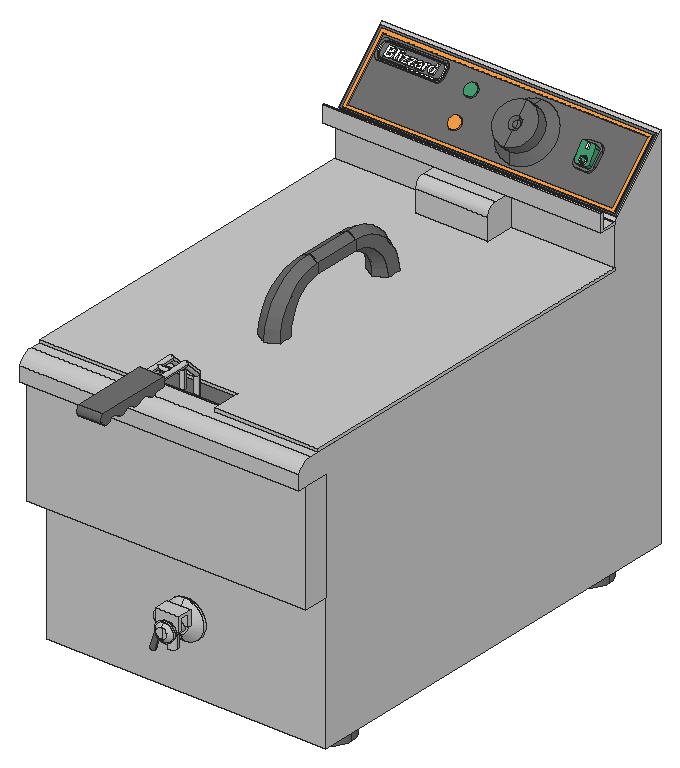
Revit family "QF_BLIZZARD_BF8", category Specialty Equipment, Revit 2016
Family settings
  Part Type = Normal
  Round Connector Dimension = Use Diameter
  OmniClass Number = 23.40.40.14
  OmniClass Title = Food Service Equipment
  Work Plane-Based = No
  Always vertical = Yes
  Cut with Voids When Loaded = No
  Shared = No
  Room Calculation Point = No
Parameters (values of type "BF8")
  URL = "www.blizzardequipment.com"
  Show Logo [instance] = yes
  Show Clearance [instance] = yes
  Model = "BF8"
  Manufacturer = "BLIZZARD"
  Description = "3000W SINGLE TANK ELECTRIC FRYER WITH TAP 8L"
  Assembly Code = "E1090320"
Reference planes
  plane 1 "Back": y = 0
  plane 2: z = 0
  plane 3 "Left": x = 0
  plane 4 "Right": x = 290
  plane 5 "Front": y = -470
  plane 6 "Top": z = 405
Forms (mm)
  Extrusion 1, solid
    sketch origin (0, 0, 0) x (0, 1, 0) y (0, 0, 1)
      loop
        line (0, 345) -> (-60, 345) -> (-60, 300.012) -> (0, 300.012) -> (0, 345)
    from 0 to 290
  Extrusion 2, solid
    sketch origin (0, 0, 74.988) x (0, 1, 0) y (0, 0, 1)
      loop
        line (0, 270.012) -> (0, 330.012) -> (-60, 270.012) -> (0, 270.012)
    from 0 to 290
  Extrusion 3, solid
    sketch origin (0, 0, 65) x (0, 1, 0) y (0, 0, 1)
      loop
        line (0, 235.012) -> (-455, 235.012)
        arc (-455, 235.012) -> (-464.156, 232.126) -> (-470, 224.509) r 15.963
        line (-470, 224.509) -> (-470, 209.509) -> (0, 209.509) -> (0, 235.012)
    from 0 to 290
  Extrusion 4, solid
    sketch origin (0, 0, 0) x (0, 1, 0) y (0, 0, 1)
      loop
        line (0, 300.012) -> (-435, 300.012) -> (-435, 19.509) -> (0, 19.509) -> (0, 300.012)
    from 0 to 290
  Extrusion 5, solid
    sketch origin (0, 0, 65) x (0, 1, 0) y (0, 0, 1)
      loop
        line (-435, 209.509) -> (-461.464, 209.509) -> (-461.464, 94.761) -> (-435, 94.761) -> (-435, 209.509)
    from 0 to 290
  Extrusion 6, solid
    sketch origin (0, 0, 65) x (1, 0, 0) y (0, 1, 0)
      loop
        line (0, -60) -> (0, -445) -> (107.5, -445) -> (107.5, -415) -> (182.5, -415) -> (182.5, -445) -> (290, -445) -> (290, -60) -> (182.5, -60) -> (182.5, -90) -> (107.5, -90) -> (107.5, -60) -> (0, -60)
    from 235.012 to 238.012
  Extrusion 7, solid
    sketch origin (0, 0, 55) x (0, 1, 0) y (0, 0, 1)
      loop
        line (-90, 270.012) -> (-90, 245.012) -> (-60, 245.012) -> (-60, 280.012) -> (-80, 280.012)
        arc (-80, 280.012) -> (-87.071, 277.084) -> (-90, 270.012) r 10
    from 107.5 to 182.5
  Extrusion 8, solid
    sketch origin (0, 44.77, 0) x (1, 0, 0) y (0, 1, 0)
      loop
        circle (32.179, -94.77) r 20
    from 0 to 19.509
  Extrusion 9, solid
    sketch origin (225, 44.77, 0) x (1, 0, 0) y (0, 1, 0)
      loop
        circle (32.179, -94.77) r 20
    from 0 to 19.509
  Extrusion 10, solid
    sketch origin (0, -290.23, 0) x (1, 0, 0) y (0, 1, 0)
      loop
        circle (32.179, -94.77) r 20
    from 0 to 19.509
  Extrusion 11, solid
    sketch origin (225, -290.23, 0) x (1, 0, 0) y (0, 1, 0)
      loop
        circle (32.179, -94.77) r 20
    from 0 to 19.509
  SweptBlend 12, solid
    path origin (145, -40, 58.013) x (0, 1, 0) y (0, 0, 1)
      loop
        arc (-140, 245) -> (-153.394, 277.336) -> (-185.73, 290.73) r 45.73
    profile origin (145, -180, 303.013) x (0, -1, 0) y (1, 0, 0)
      loop
        line (-13.826, 0) -> (-6.913, -11.974) -> (6.913, -11.974) -> (13.826, 0) -> (6.913, 11.974) -> (-6.913, 11.974) -> (-13.826, 0)
    end profile origin (145, -225.73, 348.743) x (0, 0, -1) y (1, 0, 0)
      loop
        line (-5.187, 8.984) -> (-10.373, 0) -> (-5.187, -8.984) -> (5.187, -8.984) -> (10.373, 0) -> (5.187, 8.984) -> (-5.187, 8.984)
  Extrusion 13, solid
    sketch origin (0, -10, 58.013) x (1, 0, 0) y (0, 0, 1)
      loop
        line (153.984, 285.543) -> (153.984, 295.917) -> (145, 301.103) -> (136.016, 295.917) -> (136.016, 285.543) -> (145, 280.357) -> (153.984, 285.543)
    from 215.73 to 265
  SweptBlend 14, solid
    path origin (145, -460.73, 58.013) x (0, -1, 0) y (0, 0, -1)
      loop
        arc (-140, -245) -> (-153.394, -277.336) -> (-185.73, -290.73) r 45.73
    profile origin (145, -320.73, 303.013) x (0, -1, 0) y (1, 0, 0)
      loop
        line (13.826, 0) -> (6.913, 11.974) -> (-6.913, 11.974) -> (-13.826, 0) -> (-6.913, -11.974) -> (6.913, -11.974) -> (13.826, 0)
    end profile origin (145, -275, 348.743) x (0, 0, 1) y (1, 0, 0)
      loop
        line (5.187, 8.984) -> (-5.187, 8.984) -> (-10.373, 0) -> (-5.187, -8.984) -> (5.187, -8.984) -> (10.373, 0) -> (5.187, 8.984)
  Extrusion 15, solid
    sketch origin (0, 0, 0) x (0, 1, 0) y (0, 0, 1)
      loop
        line (-60, 345) -> (-75, 345) -> (-75, 360) -> (-77, 360) -> (-77, 343) -> (-60, 343) -> (-60, 345)
    from 0 to 290
  Extrusion 16, solid
    sketch origin (132.5, 0, 50) x (0, 1, 0) y (0, 0, 1)
      loop
        line (-479.826, 289.253) -> (-559.619, 289.253)
        arc (-559.619, 289.253) -> (-561.702, 284.152) -> (-559.619, 279.051) r 7.289
        arc (-559.619, 279.051) -> (-554.681, 277.153) -> (-549.826, 279.253) r 7
        arc (-549.826, 279.253) -> (-544.826, 281.354) -> (-539.826, 279.253) r 7
        arc (-539.826, 279.253) -> (-534.826, 277.152) -> (-529.826, 279.253) r 7
        arc (-529.826, 279.253) -> (-524.826, 281.354) -> (-519.826, 279.253) r 7
        arc (-519.826, 279.253) -> (-514.826, 277.152) -> (-509.826, 279.253) r 7
        arc (-509.826, 279.253) -> (-504.826, 281.354) -> (-499.826, 279.253) r 7
        arc (-499.826, 279.253) -> (-494.826, 277.152) -> (-489.826, 279.253) r 7
        line (-489.826, 279.253) -> (-479.826, 279.253) -> (-479.826, 289.253)
    from 0 to 25
  Sweep 17, solid
    path origin (137.5, 0, 50) x (0, 1, 0) y (0, 0, 1)
      loop
        line (-479.826, 284.253) -> (-446.21, 284.253) -> (-430.604, 268.646) -> (-430.604, 246.244)
    profile origin (137.5, -463.018, 334.253) x (0, 0, 1) y (1, 0, 0)
      loop
        circle (0, 0) r 2.5
  Sweep 18, solid
    path origin (152.5, 0, 50) x (0, 1, 0) y (0, 0, -1)
      loop
        line (-479.826, -284.253) -> (-446.21, -284.253) -> (-430.604, -268.646) -> (-430.604, -246.244)
    profile origin (152.5, -463.018, 334.253) x (0, 0, -1) y (-1, 0, 0)
      loop
        circle (0, 0) r 2.5
  Extrusion 19, solid
    sketch origin (0, 0, 65) x (0, 1, 0) y (0, 0, 1)
      loop
        circle (-464.018, 269.245) r 2.153
    from 139.06 to 150.884
  Extrusion 20, solid
    sketch origin (363.088, -120.562, 282.317) x (1, 0, 0) y (0, 0.707107, 0.707107)
      loop
        line (-361.088, 168) -> (-361.088, 92) -> (-75.088, 92) -> (-75.088, 168) -> (-361.088, 168)
    from 0 to 2
  Extrusion 21, solid
    sketch origin (363.088, -120.703, 282.458) x (1, 0, 0) y (0, 0.707107, 0.707107)
      loop
        line (-359.088, 166) -> (-359.088, 94) -> (-77.088, 94) -> (-77.088, 166) -> (-359.088, 166)
      loop
        line (-356.088, 163) -> (-356.088, 97) -> (-80.088, 97) -> (-80.088, 163) -> (-356.088, 163)
    from 0 to 2
  Revolve 22, solid
    sketch origin (174.671, 343.921, -92.536) x (0, 0.707107, -0.707107) y (0, 0.707107, 0.707107)
      loop
        line (-595, 97) -> (-603.953, 88.047) -> (-615.72, 88.047) -> (-615.72, 73.047) -> (-613.494, 70.821) -> (-613.494, 66.623) -> (-595, 66.623) -> (-595, 97)
      axis (-595, 66.623) -> (-615.72, 66.623)
    angle from 0 to 360
  Extrusion 23, solid
    sketch origin (-140.265, -56.111, 349.037) x (1, 0, 0) y (0, 0.707107, 0.707107)
      loop
        circle (248.792, 52.683) r 6.466
    from -0.205 to 1.127
  Extrusion 24, solid, visible <- "Show Logo"
    sketch origin (-13.221, -115.732, 287.713) x (1, 0, 0) y (0, 0.707107, 0.707107)
      loop
        arc (22.13, 139.05) -> (23.822, 134.965) -> (27.907, 133.273) r 5.777
        line (27.907, 133.273) -> (86.809, 133.273)
        arc (86.809, 133.273) -> (90.894, 134.965) -> (92.585, 139.05) r 5.777
        line (92.585, 139.05) -> (92.585, 147.215)
        arc (92.585, 147.215) -> (90.894, 151.299) -> (86.809, 152.991) r 5.777
        line (86.809, 152.991) -> (27.907, 152.991)
        arc (27.907, 152.991) -> (23.822, 151.299) -> (22.13, 147.215) r 5.777
        line (22.13, 147.215) -> (22.13, 139.05)
    from 0 to 2
  Extrusion 25, solid, visible <- "Show Logo"
    sketch origin (-13.221, -112.331, 291.396) x (1, 0, 0) y (0, 0.707107, 0.707107)
      loop
        line (30.3, 133.137) -> (36.162, 133.137)
        arc (36.162, 133.137) -> (39.122, 134.994) -> (38.048, 138.319) r 2.844
        arc (38.048, 138.319) -> (38.838, 141.267) -> (36.338, 143.017) r 2.66
        line (36.338, 143.017) -> (31.338, 143.017) -> (30.3, 133.137)
      loop
        line (33.066, 135.126) -> (35.993, 135.126)
        arc (35.993, 135.126) -> (36.943, 136.076) -> (35.993, 137.026) r 0.95
        line (35.993, 137.026) -> (33.066, 137.026) -> (33.066, 135.126)
      loop
        line (33.528, 139.285) -> (36.147, 139.285)
        arc (36.147, 139.285) -> (36.994, 140.133) -> (36.147, 140.98) r 0.847
        line (36.147, 140.98) -> (33.528, 140.98) -> (33.528, 139.285)
      loop
        line (40.306, 133.137) -> (42.874, 133.137) -> (43.912, 143.017) -> (41.344, 143.017) -> (40.306, 133.137)
      loop
        line (45.174, 140.98) -> (47.749, 140.98) -> (47.964, 143.017) -> (45.389, 143.017) -> (45.174, 140.98)
      loop
        line (45.104, 140.313) -> (44.35, 133.137) -> (46.671, 133.137) -> (47.425, 140.313) -> (45.104, 140.313)
      loop
        line (48.314, 138.359) -> (51.196, 138.359) -> (47.765, 134.548) -> (47.765, 133.137) -> (54.184, 133.137) -> (54.393, 135.126) -> (51.213, 135.126) -> (54.657, 138.952) -> (54.657, 140.313) -> (48.519, 140.313) -> (48.314, 138.359)
      loop
        line (55.213, 138.359) -> (58.095, 138.359) -> (54.664, 134.548) -> (54.664, 133.137) -> (61.084, 133.137) -> (61.293, 135.126) -> (58.112, 135.126) -> (61.557, 138.952) -> (61.557, 140.313) -> (55.419, 140.313) -> (55.213, 138.359)
      loop
        arc (64.816, 137.983) -> (65.785, 138.952) -> (66.753, 137.983) r 0.969
        line (66.753, 137.983) -> (64.711, 137.436)
        arc (64.711, 137.436) -> (62.642, 134.297) -> (66.342, 133.633) r 2.251
        line (66.342, 133.633) -> (66.77, 132.921) -> (69.168, 132.921) -> (68.641, 134.052) -> (69.084, 138.274)
        arc (69.084, 138.274) -> (65.782, 140.567) -> (62.514, 138.225) r 3.488
        line (62.514, 138.225) -> (64.816, 137.983)
      loop
        line (69.848, 133.137) -> (72.232, 133.137) -> (72.59, 136.546)
        arc (72.59, 136.546) -> (73.413, 137.974) -> (75.025, 138.32) r 2.029
        line (75.025, 138.32) -> (75.83, 140.313)
        arc (75.83, 140.313) -> (74.279, 140.541) -> (72.927, 139.749) r 2.362
        line (72.927, 139.749) -> (72.927, 140.627) -> (70.635, 140.627) -> (69.848, 133.137)
      loop
        line (82.596, 133.137) -> (83.635, 143.017) -> (81.373, 143.017) -> (81.031, 139.764)
        arc (81.031, 139.764) -> (75.402, 137.124) -> (80.359, 133.372) r 3.631
        line (80.359, 133.372) -> (82.596, 133.137)
      loop
        spline (78.956, 134.82) -> (79.32, 134.851) -> (79.675, 135.016) -> (79.994, 135.304) -> (80.258, 135.695) -> (80.446, 136.164) -> (80.548, 136.677) -> (80.555, 137.2) -> (80.468, 137.697) -> (80.292, 138.134) -> (80.039, 138.483) -> (79.727, 138.718) -> (79.376, 138.823)
        spline (79.376, 138.823) -> (79.011, 138.793) -> (78.657, 138.628) -> (78.338, 138.34) -> (78.074, 137.948) -> (77.886, 137.48) -> (77.784, 136.967) -> (77.777, 136.444) -> (77.864, 135.947) -> (78.04, 135.509) -> (78.293, 135.161) -> (78.605, 134.926) -> (78.956, 134.82)
      loop
        line (66.385, 136.28) -> (64.729, 135.958)
        arc (64.729, 135.958) -> (64.361, 135.233) -> (65.042, 134.788) r 0.609
        arc (65.042, 134.788) -> (66.068, 135.215) -> (66.385, 136.28) r 1.295
      loop
        line (85.459, 146.184) -> (29.578, 146.184)
        arc (29.578, 146.184) -> (25.494, 144.492) -> (23.802, 140.407) r 5.777
        line (23.802, 140.407) -> (23.802, 135.662)
        arc (23.802, 135.662) -> (25.494, 131.578) -> (29.578, 129.886) r 5.777
        line (29.578, 129.886) -> (85.459, 129.886)
        arc (85.459, 129.886) -> (89.544, 131.578) -> (91.236, 135.662) r 5.777
        line (91.236, 135.662) -> (91.236, 140.407)
        arc (91.236, 140.407) -> (89.544, 144.492) -> (85.459, 146.184) r 5.777
      loop
        line (85.459, 145.184) -> (29.578, 145.184)
        arc (29.578, 145.184) -> (26.201, 143.785) -> (24.802, 140.407) r 4.777
        line (24.802, 140.407) -> (24.802, 135.662)
        arc (24.802, 135.662) -> (26.201, 132.285) -> (29.578, 130.886) r 4.777
        line (29.578, 130.886) -> (85.459, 130.886)
        arc (85.459, 130.886) -> (88.837, 132.285) -> (90.236, 135.662) r 4.777
        line (90.236, 135.662) -> (90.236, 140.407)
        arc (90.236, 140.407) -> (88.837, 143.785) -> (85.459, 145.184) r 4.777
    from 0 to 2
  Extrusion 26, solid
    sketch origin (-140.265, -77.325, 327.824) x (1, 0, 0) y (0, 0.707107, 0.707107)
      loop
        circle (248.792, 52.683) r 6.466
    from -0.205 to 1.127
  Revolve 27, solid
    sketch origin (145, 0, 0) x (0, 1, 0) y (0, 0, 1)
      loop
        line (-435, 89.509) -> (-435, 109.509) -> (-437, 109.509) -> (-445, 99.509) -> (-445, 96.509) -> (-459.915, 96.509) -> (-459.915, 98.509) -> (-462.915, 98.509) -> (-462.915, 99.509) -> (-463.915, 99.509) -> (-463.915, 98.509) -> (-467.45, 94.974) -> (-467.45, 89.509) -> (-435, 89.509)
      axis (-467.45, 89.509) -> (-435, 89.509)
    angle from 0 to 360
  Extrusion 28, solid
    sketch origin (133, 0, -5) x (0, 1, 0) y (0, 0, 1)
      loop
        line (-459.915, 96.509) -> (-456.915, 96.509) -> (-456.915, 108.509) -> (-448, 108.509) -> (-448, 96.509) -> (-445, 96.509) -> (-445, 111.509) -> (-459.915, 111.509) -> (-459.915, 96.509)
    from 0 to 24
  Extrusion 29, solid
    sketch origin (135.638, 0, 59.094) x (0.956305, 0, -0.292372) y (0, 1, 0)
      loop
        circle (-12, -452.457) r 2.5
    from 0 to 30
  Extrusion 30, solid
    sketch origin (145, -436.039, -0.238) x (1, 0, 0) y (0, 0, 1)
      loop
        arc (-9.609, 90.778) -> (-8.345, 103.463) -> (-14.391, 92.24) r 6.5
        line (-14.391, 92.24) -> (-9.609, 90.778)
    from 11.961 to 20.876
  Extrusion 31, solid
    sketch origin (133, 0, 70.541) x (1, 0, 0) y (0, 1, 0)
      loop
        circle (12, -452.457) r 4.457
    from 0 to 20
  Extrusion 32, solid
    sketch origin (0, 0, 298.512) x (1, 0, 0) y (0, 1, 0)
      loop
        line (107.5, -435) -> (182.5, -435) -> (182.5, -415) -> (107.5, -415) -> (107.5, -435)
    from 0 to 2
  Extrusion 33, solid
    sketch origin (232, -591.848, -200.991) x (1, 0, 0) y (0, 0.707107, 0.707107)
      loop
        arc (3, 815) -> (0.879, 814.121) -> (0, 812) r 3
        line (0, 812) -> (0, 798)
        arc (0, 798) -> (0.879, 795.879) -> (3, 795) r 3
        line (3, 795) -> (12, 795)
        arc (12, 795) -> (14.121, 795.879) -> (15, 798) r 3
        line (15, 798) -> (15, 812)
        arc (15, 812) -> (14.121, 814.121) -> (12, 815) r 3
        line (12, 815) -> (3, 815)
    from 9.001 to 20
  Extrusion 34, void
    sketch origin (229.5, -139.3, -653.539) x (0, 0.707107, -0.707107) y (0, 0.707107, 0.707107)
      loop
        line (-659.545, 817.359) -> (-661.721, 817.359) -> (-661.721, 793) -> (-653.921, 793) -> (-659.545, 817.359)
    from 0 to 20
  Extrusion 35, solid
    sketch origin (232, -597.505, -195.334) x (1, 0, 0) y (0, 0.707107, 0.707107)
      loop
        arc (3, 818) -> (-1.243, 816.243) -> (-3, 812) r 6
        line (-3, 812) -> (-3, 798)
        arc (-3, 798) -> (-1.243, 793.757) -> (3, 792) r 6
        line (3, 792) -> (12, 792)
        arc (12, 792) -> (16.243, 793.757) -> (18, 798) r 6
        line (18, 798) -> (18, 812)
        arc (18, 812) -> (16.243, 816.243) -> (12, 818) r 6
        line (12, 818) -> (3, 818)
    from 0 to 4
  Extrusion 36, solid
    sketch origin (-130.281, -457.646, -300.086) x (1, 0, 0) y (0, 0.529919, 0.848048)
      loop
        line (368.781, 810.281) -> (368.781, 805.281) -> (370.781, 805.281) -> (370.781, 810.281) -> (368.781, 810.281)
    from 0 to 2
  Extrusion 37, solid
    sketch origin (-130.281, -465.065, -311.959) x (1, 0, 0) y (0, 0.529919, 0.848048)
      loop
        circle (369.781, 809.781) r 2.5
      loop
        circle (369.781, 809.781) r 3.5
    from 0 to 2
Cuts and joins
  joined: Extrusion 1, Extrusion 2, Extrusion 3, Extrusion 4
  Extrusion 34 cuts Extrusion 33
Lines and regions (mm)
  reference lines
    curve 1: line (0, -183.475, 1485) -> (0, -697.791, 1021.908)
  symbolic lines, style "200-EquipBorder-2D"
    curve 2: line (0, 0, 0) -> (290, 0, 0)
    curve 3: line (0, -470, 0) -> (0, 0, 0)
    curve 4: line (290, 0, 0) -> (290, -470, 0)
    curve 29: line (157.5, -561.702, 0) -> (132.5, -561.702, 0)
    curve 30: line (132.5, -561.702, 0) -> (132.5, -479.826, 0)
    curve 31: line (132.5, -479.826, 0) -> (157.5, -479.826, 0)
    curve 32: line (157.5, -479.826, 0) -> (157.5, -561.702, 0)
    curve 33: line (135.028, -430.228, 0) -> (135.028, -479.826, 0)
    curve 34: line (140, -430.604, 0) -> (140, -461.742, 0)
    curve 35: line (150.028, -430.979, 0) -> (150.028, -461.742, 0)
    curve 36: line (155, -430.604, 0) -> (155, -479.826, 0)
    curve 37: line (150, -479.826, 0) -> (150, -466.195, 0)
    curve 38: line (150, -466.195, 0) -> (140, -466.195, 0)
    curve 39: line (140, -466.195, 0) -> (140, -479.826, 0)
    curve 40: arc (140, -430.604, 0) -> (137.688, -428.111, 0) -> (135.028, -430.228, 0) r 2.5
    curve 41: arc (155, -430.604, 0) -> (152.312, -428.111, 0) -> (150.028, -430.979, 0) r 2.5
    curve 42: line (140, -461.742, 0) -> (150.028, -461.742, 0)
    curve 44: line (150, -470, 0) -> (140, -470, 0)
    curve 47: line (155, -470, 0) -> (290, -470, 0)
    curve 48: line (0, -470, 0) -> (135.028, -470, 0)
  symbolic lines, style "200-EquipInternal-2D"
    curve 5: line (0, -60, 0) -> (290, -60, 0)
    curve 6: line (107.5, -60, 0) -> (107.5, -90, 0)
    curve 7: line (107.5, -90, 0) -> (182.5, -90, 0)
    curve 8: line (182.5, -90, 0) -> (182.5, -60, 0)
    curve 9: line (0, -445, 0) -> (107.5, -445, 0)
    curve 10: line (107.5, -445, 0) -> (107.5, -415, 0)
    curve 11: line (107.5, -415, 0) -> (182.5, -415, 0)
    curve 12: line (182.5, -415, 0) -> (182.5, -445, 0)
    curve 13: line (182.5, -445, 0) -> (290, -445, 0)
    curve 14: line (136.016, -225.73, 0) -> (136.016, -275, 0)
    curve 15: line (136.016, -225.73, 0) -> (133.026, -173.087, 0)
    curve 16: line (133.026, -173.087, 0) -> (145, -166.174, 0)
    curve 17: line (145, -166.174, 0) -> (156.974, -173.087, 0)
    curve 18: line (156.974, -173.087, 0) -> (153.984, -225.73, 0)
    curve 19: line (153.984, -275, 0) -> (153.984, -225.73, 0)
    curve 20: line (153.984, -275, 0) -> (156.974, -327.643, 0)
    curve 21: line (156.974, -327.643, 0) -> (145, -334.556, 0)
    curve 22: line (145, -334.556, 0) -> (133.026, -327.643, 0)
    curve 23: line (133.026, -327.643, 0) -> (136.016, -275, 0)
    curve 24: spline (153.247, -45.073, 0) -> (146.631, -38.101, 0) -> (144.294, -29.868, 0) -> (146.591, -21.63, 0) -> (153.173, -14.642, 0) -> (163.034, -9.972, 0) -> (174.671, -8.332, 0) -> (186.308, -9.972, 0) -> (196.17, -14.642, 0) -> (202.751, -21.63, 0) -> (205.048, -29.868, 0) -> (202.711, -38.101, 0) -> (196.095, -45.073, 0)
    curve 25: spline (196.095, -44.47, 0) -> (195.365, -48.394, 0) -> (193.225, -52.051, 0) -> (189.82, -55.191, 0) -> (185.383, -57.601, 0) -> (180.216, -59.116, 0) -> (174.671, -59.632, 0) -> (169.126, -59.116, 0) -> (163.959, -57.601, 0) -> (159.522, -55.191, 0) -> (156.117, -52.051, 0) -> (153.977, -48.394, 0) -> (153.247, -44.47, 0) -> (153.977, -40.545, 0) -> (156.117, -36.888, 0) -> (159.522, -33.748, 0) -> (163.959, -31.338, 0) -> (169.126, -29.824, 0) -> (174.671, -29.307, 0) -> (180.216, -29.824, 0) -> (185.383, -31.338, 0) -> (189.82, -33.748, 0) -> (193.225, -36.888, 0) -> (195.365, -40.545, 0) -> (196.095, -44.47, 0)
    curve 26: spline (196.095, -36.168, 0) -> (195.365, -32.243, 0) -> (193.225, -28.586, 0) -> (189.82, -25.446, 0) -> (185.383, -23.036, 0) -> (180.216, -21.522, 0) -> (174.671, -21.005, 0) -> (169.126, -21.522, 0) -> (163.959, -23.036, 0) -> (159.522, -25.446, 0) -> (156.117, -28.586, 0) -> (153.977, -32.243, 0) -> (153.247, -36.168, 0)
    curve 27: line (153.247, -36.168, 0) -> (153.247, -45.073, 0)
    curve 28: line (196.095, -36.168, 0) -> (196.095, -45.073, 0)
    curve 43: line (140, -435, 0) -> (150.028, -435, 0)
    curve 45: line (107.5, -435, 0) -> (135.028, -435, 0)
    curve 46: line (155, -435, 0) -> (182.5, -435, 0)
Dimensions and locks
  plane 3 "Left" to plane 4 "Right" = 290 mm
  plane 5 "Front" to plane 1 "Back" = 470 mm
  plane 1 "Back" to plane 5 "Front" = 470 mm
  plane 4 "Right" to plane 3 "Left" = 290 mm
  plane 6 "Top" to level = 405 mm  (x2)
  aligned and locked: level to plane 2
